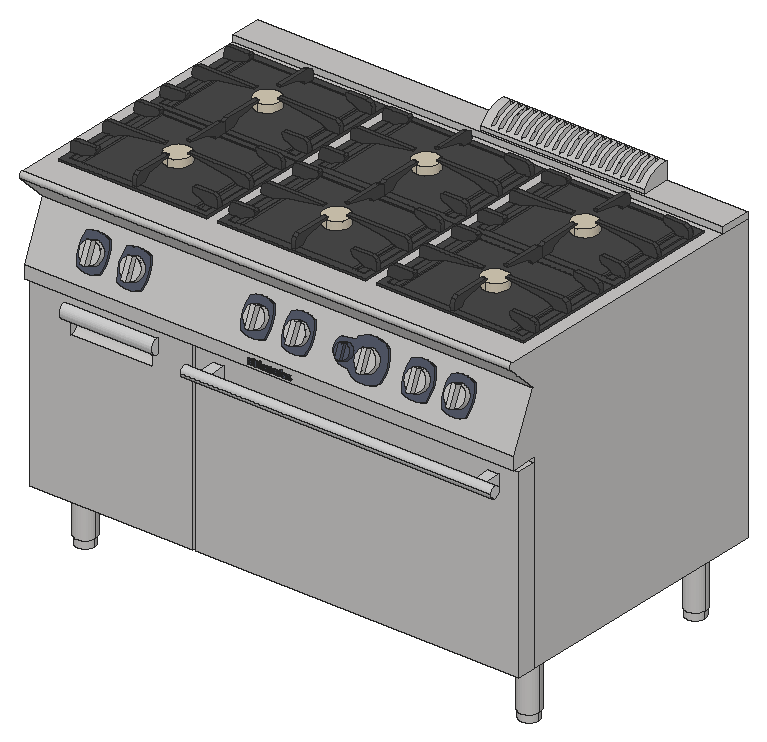
Revit family "QF_ELECTROLUXPROFESSIONAL_371407_E7AANTBFMII", category Attrezzature speciali, Revit 2018
Family settings
  Quota connettore circolare = Usa diametro
  Tipo di parte = Normale
  Basato su piano di lavoro = No
  Sempre verticale = Sì
  Taglio con vuoti quando caricato = No
  Condiviso = No
  Punto di calcolo locali = No
Parameters (values of type "Standard")
  Weight = 120.00 kg
  Watts = 0 W
  Volts = 0 V
  URL Manufacturer = "https://www.electroluxprofessional.com/"
  URL = "https://www.electroluxprofessional.com/"
  Steam Supply Size = 0"
  Steam Supply Minimum Pressure = 0.00 psi
  Steam Supply Maximum Pressure = 0.00 psi
  Steam Consumption per Hour = 0
  Show Logo [instance] = yes
  Show Clearance [instance] = yes
  Refrigeration Suction Line Size = 0 mm
  Refrigeration Liquid Line Size = 0 mm
  Refrigerant Compressor Remote = yes
  Phase = 0
  Modello = "E7AANTBFMII"
  Produttore = "Electrolux Professional"
  Length Actual = 1200 mm  # constant formula
  Item Number = "371407"
  Hot Water Size = 0"
  Height Actual = 850 mm  # constant formula
  HP = "0 HP"
  Gas Size = 1/2"
  Gas KW = 39
  Gas Input Pressure = 1.3092 Btu/h
  Direct Waste Size = 0"
  Descrizione = "6-BURNER GAS RANGE+GAS OVEN+CUPB. 1200MM - QMARK"
  Depth Actual = 730 mm  # constant formula
  Cycle = 0 Hz
  Condensate Return Size = 0"
  Compressed Air Volume = 0 GPM
  Compressed Air Size = 0"
  Compressed Air Pressure = 0.00 psi
  Cold Water Size = 0"
  Assembly Code = ""
  Accessory = yes
Values of the unnamed type that differ from the named types
  Weight = 0.00 kg
  URL Manufacturer = ""
  Item Number = ""
  HP = ""
  Gas KW = 0
  Gas Input Pressure = 0.0 Btu/h
Reference planes
  plane 1 "BACK": y = 0
  plane 2: z = 0
  plane 3 "LEFT": x = 0
  plane 4 "RIGHT": x = 1200
  plane 5 "FRONT": y = -700
  plane 6 "TOP": z = 908.9
  plane 7 "Center Y": x = 600
  plane 8 "Center X": y = -350
  plane 9 "Base": z = 150
  plane 10: z = 850.9
  plane 11: y = -730
  plane 12: y = -1109
Forms (mm)
  Revolve 1, solid, material "QF_Finishes_Stainless Steel"
    sketch origin (1, -90, 0) x (1, 0, 0) y (0, 0, 1)
      loop
        line (55, 0) -> (55, 150) -> (29.6, 150) -> (29.6, 19.05) -> (32.1, 19.05) -> (32.1, 0) -> (55, 0)
      axis (55, 0) -> (55, 150)
    angle from 0 to 360
  Revolve 2, solid, material "QF_Finishes_Stainless Steel"
    sketch origin (1, -599.588, 0) x (1, 0, 0) y (0, 0, 1)
      loop
        line (55, 0) -> (55, 150) -> (29.6, 150) -> (29.6, 19.05) -> (32.1, 19.05) -> (32.1, 0) -> (55, 0)
      axis (55, 0) -> (55, 150)
    angle from 0 to 360
  Revolve 3, solid, material "QF_Finishes_Stainless Steel"
    sketch origin (799, -90, 0) x (-1, 0, 0) y (0, 0, -1)
      loop
        line (-345, 0) -> (-367.9, 0) -> (-367.9, -19.05) -> (-370.4, -19.05) -> (-370.4, -150) -> (-345, -150) -> (-345, 0)
      axis (-345, 0) -> (-345, -150)
    angle from 0 to 360
  Revolve 4, solid, material "QF_Finishes_Stainless Steel"
    sketch origin (799, -599.588, 0) x (-1, 0, 0) y (0, 0, -1)
      loop
        line (-345, 0) -> (-367.9, 0) -> (-367.9, -19.05) -> (-370.4, -19.05) -> (-370.4, -150) -> (-345, -150) -> (-345, 0)
      axis (-345, 0) -> (-345, -150)
    angle from 0 to 360
  Extrusion 5, solid, material "QF_Finishes_Stainless Steel"
    sketch origin (0, 0, 576.213) x (0, 1, 0) y (0, 0, 1)
      loop
        line (0, -426.213) -> (0, 274.687) -> (-721.37, 274.687)
        arc (-721.37, 274.687) -> (-729.343, 269.36) -> (-727.472, 259.956) r 8.63
        line (-727.472, 259.956) -> (-658.266, 190.62) -> (-715.833, 65.264) -> (-715.833, 33.966) -> (-655.839, 38.662)
        arc (-655.839, 38.662) -> (-653.314, 37.914) -> (-652.222, 35.518) r 3.175
        line (-652.222, 35.518) -> (-652.222, -426.213) -> (0, -426.213)
    from 0 to 1200
  Extrusion 6, solid, material "QF_Finishes_Stainless Steel"
    sketch origin (0, -652.222, 611.731) x (0, 0, -1) y (1, 0, 0)
      loop
        line (461.731, 408.5) -> (461.731, 1200) -> (9.61, 1200) -> (9.61, 408.5) -> (461.731, 408.5)
      loop
        line (461.731, 0) -> (461.731, 400.5) -> (9.61, 400.5) -> (9.61, 0) -> (461.731, 0)
      loop
        line (95.781, 100.253) -> (95.781, 300.8) -> (44.981, 300.8) -> (44.981, 100.253) -> (95.781, 100.253)
    from 3.175 to 47.778
  Extrusion 7, solid, material "QF_Finishes_Stainless Steel"
    sketch origin (0, 0, 576.213) x (0, 1, 0) y (0, 0, 1)
      loop
        line (0, 274.687) -> (0, 288.975) -> (-76.2, 288.975) -> (-76.2, 274.687) -> (0, 274.687)
    from 0 to 1200
  Extrusion 8, solid, material "QF_Finishes_Stainless Steel"
    sketch origin (0, 0, 150) x (-1, 0, 0) y (0, -1, 0)
      loop
        circle (-1147.613, 464) r 6.35
    from -8.815 to 7.722
  Extrusion 9, solid, material "QF_Finishes_Door Clearance", visible <- "Show Clearance", detail levels coarse
    sketch origin (0, 0, 0) x (0, 1, 0) y (0, 0, 1)
      loop
        line (-1109, 150) -> (-700, 150) -> (-700, 601.405)
        arc (-700, 601.405) -> (-991.543, 454.568) -> (-1109, 150) r 453.603
    from 0 to 1200
  Extrusion 10, solid, material "QF_Finishes_Clearance", visible <- "Show Clearance", detail levels coarse
    sketch origin (0, 0, 0) x (1, 0, 0) y (0, 1, 0)
      loop
        line (-150, -730) -> (0, -730) -> (0, 0) -> (1200, 0) -> (1200, -730) -> (1350, -730) -> (1350, 150) -> (-150, 150) -> (-150, -730)
    from 0 to 908.85
  Extrusion 11, solid, material "QF_Finishes_Handrails and Railings"
    sketch origin (400, 0, 0) x (0, 1, 0) y (0, 0, 1)
      loop
        line (-700, 580.001) -> (-738.549, 577.296)
        arc (-738.549, 577.296) -> (-739.742, 563.489) -> (-752.852, 558.993) r 12.7
        arc (-752.852, 558.993) -> (-752.311, 558.176) -> (-751.712, 557.401) r 13.441
        arc (-751.712, 557.401) -> (-749.907, 555.955) -> (-747.679, 555.335) r 5.77
        line (-747.679, 555.335) -> (-700, 551.992) -> (-700, 580.001)
    from 50.8 to 76.2
  Extrusion 12, solid, material "QF_Finishes_Handrails and Railings"
    sketch origin (1200, 0, 0) x (0, 1, 0) y (0, 0, -1)
      loop
        line (-700, -580.001) -> (-700, -551.992) -> (-747.679, -555.335)
        arc (-747.679, -555.335) -> (-749.907, -555.955) -> (-751.712, -557.401) r 5.77
        arc (-751.712, -557.401) -> (-752.311, -558.176) -> (-752.852, -558.993) r 13.441
        arc (-752.852, -558.993) -> (-739.742, -563.489) -> (-738.549, -577.296) r 12.7
        line (-738.549, -577.296) -> (-700, -580.001)
    from 50.8 to 76.2
  Extrusion 13, solid, material "QF_Finishes_Handrails and Railings"
    sketch origin (400, 0, 0) x (0, 1, 0) y (0, 0, 1)
      loop
        circle (-749.749, 571.309) r 12.7
    from 19.875 to 780.125
  Extrusion 14, solid, material "QF_Finishes_Handrails and Railings"
    sketch origin (177.525, -443.896, 1933.213) x (0, 0.885087, 0.465426) y (0, -0.465426, 0.885087)
      loop
        arc (-854.629, -1074.965) -> (-878.641, -1082.427) -> (-871.18, -1106.439) r 17.78
        line (-871.18, -1106.439) -> (-854.629, -1074.965)
    from -89.972 to 135.975
  Extrusion 15, solid, material "QF_Finishes_Stainless Steel"
    sketch origin (-22.5, 0, 28.959) x (0, 1, 0) y (0, 0, 1)
      loop
        line (-700, 486.991) -> (-657.087, 486.991) -> (-657.087, 537.791) -> (-678.147, 537.791) -> (-678.147, 511.464)
        arc (-678.147, 511.464) -> (-684.405, 495.059) -> (-700, 486.991) r 24.63
    from 122.753 to 323.3
  Extrusion 16, solid, material "QF_Finishes_Navy Blue"
    sketch origin (405.244, -713.772, 646.186) x (0, 0.418102, 0.9084) y (-1, 0, 0)
      loop
        arc (102.623, -510.47) -> (67.041, -502.846) -> (31.333, -509.853) r 90.5
        arc (31.333, -509.853) -> (24.507, -539.04) -> (31.333, -568.228) r 65.817
        arc (31.333, -568.228) -> (67.04, -575.188) -> (102.623, -567.615) r 91.066
        arc (102.623, -567.615) -> (109.179, -539.043) -> (102.623, -510.47) r 65.546
    from 0 to 3.175
  Extrusion 17, solid, material "QF_Finishes_Stainless Steel"
    sketch origin (783.994, -717.485, 645.711) x (0, 0.418102, 0.9084) y (-1, 0, 0)
      loop
        circle (68.826, -160.963) r 25.4
    from 0 to 12.7
  Extrusion 18, solid, material "QF_Finishes_Stainless Steel"
    sketch origin (783.994, -729.022, 651.021) x (0, 0.418102, 0.9084) y (-1, 0, 0)
      loop
        arc (93.558, -166.749) -> (94.226, -160.963) -> (93.558, -155.177) r 25.4
        line (93.558, -155.177) -> (44.094, -155.177)
        arc (44.094, -155.177) -> (43.426, -160.963) -> (44.094, -166.749) r 25.4
        line (44.094, -166.749) -> (93.558, -166.749)
    from 0 to 12.7
  Extrusion 19, solid, material "QF_Finishes_Navy Blue"
    sketch origin (282.787, -713.772, 646.186) x (0, 0.418102, 0.9084) y (-1, 0, 0)
      loop
        arc (104.355, -502.587) -> (101.326, -501.258) -> (98.25, -500.039) r 91.066
        arc (98.25, -500.039) -> (96.592, -482.449) -> (93.213, -465.107) r 179.528
        arc (93.213, -465.107) -> (69.244, -452.795) -> (45.274, -465.107) r 29.489
        arc (45.274, -465.107) -> (38.909, -481.441) -> (37.449, -498.912) r 61.044
        arc (37.449, -498.912) -> (34.471, -499.962) -> (31.532, -501.116) r 91.066
        arc (31.532, -501.116) -> (19.517, -540.223) -> (32.929, -578.873) r 65.817
        arc (32.929, -578.873) -> (68.105, -585.173) -> (102.996, -577.452) r 91.066
        arc (102.996, -577.452) -> (115.418, -540.233) -> (104.355, -502.587) r 65.546
    from 0 to 3.175
  Extrusion 20, solid, material "QF_Finishes_Stainless Steel"
    sketch origin (661.537, -717.485, 645.711) x (0, 0.418102, 0.9084) y (-1, 0, 0)
      loop
        circle (68.826, -160.963) r 25.4
    from 0 to 12.7
  Extrusion 21, solid, material "QF_Finishes_Stainless Steel"
    sketch origin (661.537, -729.022, 651.021) x (0, 0.418102, 0.9084) y (-1, 0, 0)
      loop
        arc (93.558, -166.749) -> (94.226, -160.963) -> (93.558, -155.177) r 25.4
        line (93.558, -155.177) -> (44.094, -155.177)
        arc (44.094, -155.177) -> (43.426, -160.963) -> (44.094, -166.749) r 25.4
        line (44.094, -166.749) -> (93.558, -166.749)
    from 0 to 12.7
  Extrusion 22, solid, material "QF_Finishes_Navy Blue"
    sketch origin (604.037, -717.485, 645.711) x (0, 0.418102, 0.9084) y (-1, 0, 0)
      loop
        circle (68.826, -160.963) r 18.37
    from 0 to 12.7
  Extrusion 23, solid, material "QF_Finishes_Navy Blue"
    sketch origin (602.746, -729.022, 651.021) x (0, 0.418102, 0.9084) y (-1, 0, 0)
      loop
        arc (84.808, -167.687) -> (85.476, -161.901) -> (84.808, -156.114) r 25.4
        line (84.808, -156.114) -> (52.844, -156.114)
        arc (52.844, -156.114) -> (52.176, -161.901) -> (52.844, -167.687) r 25.4
        line (52.844, -167.687) -> (84.808, -167.687)
    from 0 to 8.112
  Extrusion 24, solid, material "QF_Finishes_Navy Blue"
    sketch origin (-392.256, -713.772, 646.186) x (0, 0.418102, 0.9084) y (-1, 0, 0)
      loop
        arc (102.623, -510.47) -> (67.041, -502.846) -> (31.333, -509.853) r 90.5
        arc (31.333, -509.853) -> (24.507, -539.04) -> (31.333, -568.228) r 65.817
        arc (31.333, -568.228) -> (67.04, -575.188) -> (102.623, -567.615) r 91.066
        arc (102.623, -567.615) -> (109.179, -539.043) -> (102.623, -510.47) r 65.546
    from 0 to 3.175
  Extrusion 25, solid, material "QF_Finishes_Stainless Steel"
    sketch origin (-13.506, -717.485, 645.711) x (0, 0.418102, 0.9084) y (-1, 0, 0)
      loop
        circle (68.826, -160.963) r 25.4
    from 0 to 12.7
  Extrusion 26, solid, material "QF_Finishes_Stainless Steel"
    sketch origin (-13.506, -729.022, 651.021) x (0, 0.418102, 0.9084) y (-1, 0, 0)
      loop
        arc (93.558, -166.749) -> (94.226, -160.963) -> (93.558, -155.177) r 25.4
        line (93.558, -155.177) -> (44.094, -155.177)
        arc (44.094, -155.177) -> (43.426, -160.963) -> (44.094, -166.749) r 25.4
        line (44.094, -166.749) -> (93.558, -166.749)
    from 0 to 12.7
  Extrusion 27, solid, material "QF_Finishes_Navy Blue"
    sketch origin (-292.256, -713.772, 646.186) x (0, 0.418102, 0.9084) y (-1, 0, 0)
      loop
        arc (102.623, -510.47) -> (67.041, -502.846) -> (31.333, -509.853) r 90.5
        arc (31.333, -509.853) -> (24.507, -539.04) -> (31.333, -568.228) r 65.817
        arc (31.333, -568.228) -> (67.04, -575.188) -> (102.623, -567.615) r 91.066
        arc (102.623, -567.615) -> (109.179, -539.043) -> (102.623, -510.47) r 65.546
    from 0 to 3.175
  Extrusion 28, solid, material "QF_Finishes_Stainless Steel"
    sketch origin (86.494, -717.485, 645.711) x (0, 0.418102, 0.9084) y (-1, 0, 0)
      loop
        circle (68.826, -160.963) r 25.4
    from 0 to 12.7
  Extrusion 29, solid, material "QF_Finishes_Stainless Steel"
    sketch origin (86.494, -729.022, 651.021) x (0, 0.418102, 0.9084) y (-1, 0, 0)
      loop
        arc (93.558, -166.749) -> (94.226, -160.963) -> (93.558, -155.177) r 25.4
        line (93.558, -155.177) -> (44.094, -155.177)
        arc (44.094, -155.177) -> (43.426, -160.963) -> (44.094, -166.749) r 25.4
        line (44.094, -166.749) -> (93.558, -166.749)
    from 0 to 12.7
  Extrusion 30, void
    sketch origin (-62.611, 0, 865.138) x (-1, 0, 0) y (0, -1, 0)
      loop
        line (-695.005, 6.761) -> (-685.709, 6.761) -> (-685.709, 63.911) -> (-695.005, 63.911) -> (-695.005, 6.761)
      loop
        line (-713.697, 6.761) -> (-704.401, 6.761) -> (-704.401, 63.911) -> (-713.697, 63.911) -> (-713.697, 6.761)
      loop
        line (-732.39, 6.761) -> (-723.094, 6.761) -> (-723.094, 63.911) -> (-732.39, 63.911) -> (-732.39, 6.761)
      loop
        line (-751.082, 6.761) -> (-741.787, 6.761) -> (-741.787, 63.911) -> (-751.082, 63.911) -> (-751.082, 6.761)
      loop
        line (-769.775, 6.761) -> (-760.479, 6.761) -> (-760.479, 63.911) -> (-769.775, 63.911) -> (-769.775, 6.761)
      loop
        line (-788.468, 6.761) -> (-779.172, 6.761) -> (-779.172, 63.911) -> (-788.468, 63.911) -> (-788.468, 6.761)
      loop
        line (-807.16, 6.761) -> (-797.864, 6.761) -> (-797.864, 63.911) -> (-807.16, 63.911) -> (-807.16, 6.761)
      loop
        line (-825.853, 6.761) -> (-816.557, 6.761) -> (-816.557, 63.911) -> (-825.853, 63.911) -> (-825.853, 6.761)
      loop
        line (-844.545, 6.761) -> (-835.25, 6.761) -> (-835.25, 63.911) -> (-844.545, 63.911) -> (-844.545, 6.761)
      loop
        line (-863.238, 6.761) -> (-853.942, 6.761) -> (-853.942, 63.911) -> (-863.238, 63.911) -> (-863.238, 6.761)
      loop
        line (-881.931, 6.761) -> (-872.635, 6.761) -> (-872.635, 63.911) -> (-881.931, 63.911) -> (-881.931, 6.761)
      loop
        line (-900.623, 6.761) -> (-891.328, 6.761) -> (-891.328, 63.911) -> (-900.623, 63.911) -> (-900.623, 6.761)
      loop
        line (-919.316, 6.761) -> (-910.02, 6.761) -> (-910.02, 63.911) -> (-919.316, 63.911) -> (-919.316, 6.761)
      loop
        line (-938.008, 6.761) -> (-928.713, 6.761) -> (-928.713, 63.911) -> (-938.008, 63.911) -> (-938.008, 6.761)
      loop
        line (-956.701, 6.761) -> (-947.405, 6.761) -> (-947.405, 63.911) -> (-956.701, 63.911) -> (-956.701, 6.761)
      loop
        line (-975.394, 6.761) -> (-966.098, 6.761) -> (-966.098, 63.911) -> (-975.394, 63.911) -> (-975.394, 6.761)
      loop
        line (-994.086, 6.761) -> (-984.791, 6.761) -> (-984.791, 63.911) -> (-994.086, 63.911) -> (-994.086, 6.761)
      loop
        line (-1012.779, 6.761) -> (-1003.483, 6.761) -> (-1003.483, 63.911) -> (-1012.779, 63.911) -> (-1012.779, 6.761)
      loop
        line (-1031.472, 6.761) -> (-1022.176, 6.761) -> (-1022.176, 63.911) -> (-1031.472, 63.911) -> (-1031.472, 6.761)
      loop
        line (-1050.164, 6.761) -> (-1040.868, 6.761) -> (-1040.868, 63.911) -> (-1050.164, 63.911) -> (-1050.164, 6.761)
    from 9.525 to 45.348
  Extrusion 31, solid, material "QF_Finishes_Stainless Steel"
    sketch origin (202.4, 0, 590.5) x (0, 1, 0) y (0, 0, 1)
      loop
        line (0, 274.688) -> (0, 318.4)
        arc (0, 318.4) -> (-39.072, 309.779) -> (-69.85, 284.212) r 84.854
        line (-69.85, 284.212) -> (-69.85, 274.688) -> (0, 274.688)
    from 400 to 800
  Extrusion 32, solid, material "QF_Finishes_Navy Blue"
    sketch origin (502.744, -713.772, 646.186) x (0, 0.418102, 0.9084) y (-1, 0, 0)
      loop
        arc (102.623, -510.47) -> (67.041, -502.846) -> (31.333, -509.853) r 90.5
        arc (31.333, -509.853) -> (24.507, -539.04) -> (31.333, -568.228) r 65.817
        arc (31.333, -568.228) -> (67.04, -575.188) -> (102.623, -567.615) r 91.066
        arc (102.623, -567.615) -> (109.179, -539.043) -> (102.623, -510.47) r 65.546
    from 0 to 3.175
  Extrusion 33, solid, material "QF_Finishes_Stainless Steel"
    sketch origin (881.494, -717.485, 645.711) x (0, 0.418102, 0.9084) y (-1, 0, 0)
      loop
        circle (68.826, -160.963) r 25.4
    from 0 to 12.7
  Extrusion 34, solid, material "QF_Finishes_Stainless Steel"
    sketch origin (881.494, -729.022, 651.021) x (0, 0.418102, 0.9084) y (-1, 0, 0)
      loop
        arc (93.558, -166.749) -> (94.226, -160.963) -> (93.558, -155.177) r 25.4
        line (93.558, -155.177) -> (44.094, -155.177)
        arc (44.094, -155.177) -> (43.426, -160.963) -> (44.094, -166.749) r 25.4
        line (44.094, -166.749) -> (93.558, -166.749)
    from 0 to 12.7
  Extrusion 35, solid, material "QF_Finishes_Navy Blue"
    sketch origin (10.244, -713.772, 646.186) x (0, 0.418102, 0.9084) y (-1, 0, 0)
      loop
        arc (102.623, -510.47) -> (67.041, -502.846) -> (31.333, -509.853) r 90.5
        arc (31.333, -509.853) -> (24.507, -539.04) -> (31.333, -568.228) r 65.817
        arc (31.333, -568.228) -> (67.04, -575.188) -> (102.623, -567.615) r 91.066
        arc (102.623, -567.615) -> (109.179, -539.043) -> (102.623, -510.47) r 65.546
    from 0 to 3.175
  Extrusion 36, solid, material "QF_Finishes_Stainless Steel"
    sketch origin (388.994, -717.485, 645.711) x (0, 0.418102, 0.9084) y (-1, 0, 0)
      loop
        circle (68.826, -160.963) r 25.4
    from 0 to 12.7
  Extrusion 37, solid, material "QF_Finishes_Stainless Steel"
    sketch origin (388.994, -729.022, 651.021) x (0, 0.418102, 0.9084) y (-1, 0, 0)
      loop
        arc (93.558, -166.749) -> (94.226, -160.963) -> (93.558, -155.177) r 25.4
        line (93.558, -155.177) -> (44.094, -155.177)
        arc (44.094, -155.177) -> (43.426, -160.963) -> (44.094, -166.749) r 25.4
        line (44.094, -166.749) -> (93.558, -166.749)
    from 0 to 12.7
  Extrusion 38, solid, material "QF_Finishes_Navy Blue"
    sketch origin (110.244, -713.772, 646.186) x (0, 0.418102, 0.9084) y (-1, 0, 0)
      loop
        arc (102.623, -510.47) -> (67.041, -502.846) -> (31.333, -509.853) r 90.5
        arc (31.333, -509.853) -> (24.507, -539.04) -> (31.333, -568.228) r 65.817
        arc (31.333, -568.228) -> (67.04, -575.188) -> (102.623, -567.615) r 91.066
        arc (102.623, -567.615) -> (109.179, -539.043) -> (102.623, -510.47) r 65.546
    from 0 to 3.175
  Extrusion 39, solid, material "QF_Finishes_Stainless Steel"
    sketch origin (488.994, -717.485, 645.711) x (0, 0.418102, 0.9084) y (-1, 0, 0)
      loop
        circle (68.826, -160.963) r 25.4
    from 0 to 12.7
  Extrusion 40, solid, material "QF_Finishes_Stainless Steel"
    sketch origin (488.994, -729.022, 651.021) x (0, 0.418102, 0.9084) y (-1, 0, 0)
      loop
        arc (93.558, -166.749) -> (94.226, -160.963) -> (93.558, -155.177) r 25.4
        line (93.558, -155.177) -> (44.094, -155.177)
        arc (44.094, -155.177) -> (43.426, -160.963) -> (44.094, -166.749) r 25.4
        line (44.094, -166.749) -> (93.558, -166.749)
    from 0 to 12.7
  Extrusion 41, solid, material "QF_Finishes_Navy Blue", visible <- "Show Logo"
    sketch origin (261.109, -715.962, 610.773) x (0, 0, 1) y (-1, 0, 0)
      loop
        line (20.674, -296.698) -> (8.307, -296.698)
        arc (8.307, -296.698) -> (14.491, -301.27) -> (20.674, -296.698) r 6.467
      loop
        arc (20.674, -296.069) -> (19.505, -290.926) -> (14.849, -288.448) r 6.338
        line (14.849, -288.448) -> (14.849, -290.494)
        arc (14.849, -290.494) -> (16.333, -294.149) -> (19.778, -296.069) r 5.941
        line (19.778, -296.069) -> (20.674, -296.069)
      loop
        arc (9.203, -296.069) -> (12.648, -294.149) -> (14.132, -290.494) r 5.941
        line (14.132, -290.494) -> (14.132, -288.448)
        arc (14.132, -288.448) -> (9.438, -290.922) -> (8.148, -296.069) r 6.504
        line (8.148, -296.069) -> (9.203, -296.069)
      loop
        line (21.349, -287.979) -> (7.604, -287.979) -> (7.604, -301.742) -> (21.349, -301.742) -> (21.349, -287.979)
      loop
        arc (21.432, -304.71) -> (21.085, -304.352) -> (20.718, -304.69) r 0.358
        arc (20.718, -304.69) -> (20.404, -305.44) -> (19.687, -305.825) r 1.216
        line (19.687, -305.825) -> (9.274, -305.825)
        arc (9.274, -305.825) -> (8.614, -305.548) -> (8.218, -304.951) r 1.238
        arc (8.218, -304.951) -> (7.823, -304.7) -> (7.518, -305.054) r 0.358
        line (7.518, -305.054) -> (7.518, -314.933) -> (10.269, -314.933) -> (10.269, -314.036)
        arc (10.269, -314.036) -> (9.36, -313.456) -> (8.904, -312.479) r 1.928
        line (8.904, -312.479) -> (8.904, -309.98)
        arc (8.904, -309.98) -> (9.18, -309.251) -> (9.868, -308.887) r 1.101
        line (9.868, -308.887) -> (13.955, -308.887) -> (13.955, -312.561)
        arc (13.955, -312.561) -> (13.602, -313.058) -> (13.037, -313.286) r 1.083
        arc (13.037, -313.286) -> (12.773, -313.591) -> (13.065, -313.869) r 0.292
        line (13.065, -313.869) -> (16.028, -313.869)
        arc (16.028, -313.869) -> (16.33, -313.596) -> (16.092, -313.266) r 0.305
        arc (16.092, -313.266) -> (15.601, -313.018) -> (15.296, -312.561) r 1.083
        line (15.296, -312.561) -> (15.296, -308.887) -> (19.973, -308.887) -> (19.973, -312.635)
        arc (19.973, -312.635) -> (19.759, -313.39) -> (19.153, -313.888) r 1.314
        arc (19.153, -313.888) -> (18.934, -314.292) -> (19.288, -314.585) r 0.361
        line (19.288, -314.585) -> (21.432, -314.585) -> (21.432, -304.71)
      loop
        arc (20.715, -315.365) -> (20.335, -316.284) -> (19.416, -316.664) r 1.299
        line (19.416, -316.664) -> (9.837, -316.664)
        arc (9.837, -316.664) -> (8.999, -316.286) -> (8.728, -315.408) r 1.118
        line (8.728, -315.408) -> (7.518, -315.408) -> (7.518, -320.758) -> (8.706, -320.758)
        arc (8.706, -320.758) -> (8.978, -319.841) -> (9.848, -319.445) r 1.153
        line (9.848, -319.445) -> (21.92, -319.445) -> (20.715, -315.365)
      loop
        line (12.483, -323.394) -> (12.483, -329.842) -> (13.282, -329.842)
        arc (13.282, -329.842) -> (15.862, -328.857) -> (17.131, -326.404) r 3.874
        line (17.131, -326.404) -> (17.131, -324.643)
        arc (17.131, -324.643) -> (15.944, -321.778) -> (13.08, -320.592) r 4.051
        line (13.08, -320.592) -> (11.072, -320.592)
        arc (11.072, -320.592) -> (8.253, -322.077) -> (7.202, -325.084) r 4.352
        arc (7.202, -325.084) -> (7.566, -327.547) -> (8.943, -329.621) r 5.713
        line (8.943, -329.621) -> (9.892, -329.621)
        arc (9.892, -329.621) -> (9.16, -328.052) -> (8.943, -326.334) r 5.579
        arc (8.943, -326.334) -> (9.737, -324.371) -> (11.616, -323.394) r 3.057
        line (11.616, -323.394) -> (12.483, -323.394)
      loop
        line (13.742, -323.394) -> (13.742, -326.977)
        arc (13.742, -326.977) -> (15.199, -327.024) -> (16.082, -325.864) r 1.59
        line (16.082, -325.864) -> (16.082, -325.034)
        arc (16.082, -325.034) -> (15.217, -323.779) -> (13.742, -323.394) r 2.184
      loop
        arc (16.533, -339.259) -> (17.022, -337.585) -> (17.179, -335.848) r 9.023
        line (17.179, -335.848) -> (17.179, -334.486)
        arc (17.179, -334.486) -> (16.02, -331.686) -> (13.22, -330.527) r 3.959
        line (13.22, -330.527) -> (10.62, -330.527)
        arc (10.62, -330.527) -> (8.338, -331.819) -> (7.221, -334.192) r 4.331
        line (7.221, -334.192) -> (7.221, -336.327)
        arc (7.221, -336.327) -> (7.729, -337.877) -> (8.651, -339.223) r 5.772
        arc (8.651, -339.223) -> (9.412, -339.274) -> (9.499, -338.515) r 0.553
        arc (9.499, -338.515) -> (9.111, -337.781) -> (8.977, -336.962) r 2.573
        line (8.977, -336.962) -> (8.977, -335.447)
        arc (8.977, -335.447) -> (9.983, -333.806) -> (11.798, -333.163) r 2.884
        line (11.798, -333.163) -> (13.077, -333.163)
        arc (13.077, -333.163) -> (14.898, -333.723) -> (15.824, -335.388) r 2.554
        line (15.824, -335.388) -> (15.824, -336.441)
        arc (15.824, -336.441) -> (15.493, -337.369) -> (14.836, -338.104) r 2.564
        arc (14.836, -338.104) -> (14.614, -338.821) -> (15.223, -339.259) r 0.643
        line (15.223, -339.259) -> (16.533, -339.259)
      loop
        line (15.515, -339.53) -> (15.515, -341.031) -> (9.467, -341.031)
        arc (9.467, -341.031) -> (7.879, -341.688) -> (7.221, -343.276) r 2.246
        line (7.221, -343.276) -> (7.221, -344.86)
        arc (7.221, -344.86) -> (7.535, -345.725) -> (8.035, -346.496) r 4.06
        arc (8.035, -346.496) -> (8.768, -346.629) -> (9.019, -345.928) r 0.576
        arc (9.019, -345.928) -> (8.913, -345.403) -> (8.977, -344.87) r 1.69
        arc (8.977, -344.87) -> (9.519, -344.082) -> (10.425, -343.779) r 1.506
        line (10.425, -343.779) -> (15.563, -343.779) -> (15.563, -346.176) -> (16.119, -346.733) -> (16.941, -346.733) -> (16.941, -343.873) -> (20.172, -343.873) -> (15.515, -339.53)
      loop
        line (7.438, -347.63) -> (7.438, -353.017) -> (8.548, -353.017)
        arc (8.548, -353.017) -> (8.942, -352.066) -> (9.893, -351.672) r 1.345
        line (9.893, -351.672) -> (13.509, -351.672)
        arc (13.509, -351.672) -> (14.274, -352.264) -> (14.564, -353.186) r 1.615
        line (14.564, -353.186) -> (14.564, -354.742) -> (17.119, -355.427) -> (17.119, -354.044) -> (15.177, -351.485) -> (17.057, -351.485) -> (16.773, -348.779)
        arc (16.773, -348.779) -> (16.333, -348.249) -> (15.674, -348.45) r 0.621
        arc (15.674, -348.45) -> (15.274, -348.792) -> (14.78, -348.975) r 1.501
        line (14.78, -348.975) -> (9.893, -348.975)
        arc (9.893, -348.975) -> (8.942, -348.581) -> (8.548, -347.63) r 1.345
        line (8.548, -347.63) -> (7.438, -347.63)
      loop
        line (13.54, -354.964) -> (10.848, -354.964)
        arc (10.848, -354.964) -> (8.403, -356.272) -> (7.269, -358.803) r 4.288
        arc (7.269, -358.803) -> (7.205, -360.183) -> (7.269, -361.563) r 15.022
        arc (7.269, -361.563) -> (8.403, -364.094) -> (10.848, -365.401) r 4.288
        line (10.848, -365.401) -> (13.54, -365.401)
        arc (13.54, -365.401) -> (15.986, -364.094) -> (17.119, -361.563) r 4.288
        arc (17.119, -361.563) -> (17.183, -360.183) -> (17.119, -358.803) r 15.022
        arc (17.119, -358.803) -> (15.986, -356.272) -> (13.54, -354.964) r 4.288
      loop
        line (13.745, -358.078) -> (10.643, -358.078)
        arc (10.643, -358.078) -> (8.486, -360.235) -> (10.643, -362.392) r 2.157
        line (10.643, -362.392) -> (13.745, -362.392)
        arc (13.745, -362.392) -> (15.902, -360.235) -> (13.745, -358.078) r 2.157
      loop
        arc (20.726, -365.26) -> (20.355, -366.154) -> (19.461, -366.524) r 1.264
        line (19.461, -366.524) -> (9.597, -366.524)
        arc (9.597, -366.524) -> (8.727, -366.127) -> (8.455, -365.211) r 1.153
        line (8.455, -365.211) -> (7.518, -365.211) -> (7.518, -370.319) -> (8.446, -370.319)
        arc (8.446, -370.319) -> (8.805, -369.547) -> (9.597, -369.232) r 1.153
        line (9.597, -369.232) -> (21.92, -369.232) -> (20.726, -365.26)
      loop
        arc (15.846, -369.857) -> (15.647, -370.921) -> (14.678, -371.403) r 1.215
        line (14.678, -371.403) -> (9.658, -371.403)
        arc (9.658, -371.403) -> (8.043, -372.051) -> (7.322, -373.634) r 2.338
        line (7.322, -373.634) -> (7.322, -375.148)
        arc (7.322, -375.148) -> (7.497, -376.152) -> (7.999, -377.038) r 2.979
        line (7.999, -377.038) -> (7.518, -378.835) -> (7.518, -380.524) -> (16.943, -380.524) -> (16.649, -376.32) -> (15.863, -376.32)
        arc (15.863, -376.32) -> (15.507, -377.156) -> (14.755, -377.665) r 1.605
        line (14.755, -377.665) -> (9.652, -377.665)
        arc (9.652, -377.665) -> (9.232, -376.728) -> (9.159, -375.704) r 2.94
        arc (9.159, -375.704) -> (9.72, -374.603) -> (10.873, -374.16) r 1.724
        line (10.873, -374.16) -> (17.07, -374.16) -> (15.846, -369.857)
      loop
        line (16.874, -381.377) -> (15.202, -383.423) -> (12.028, -385.729) -> (8.572, -382.617)
        arc (8.572, -382.617) -> (8.335, -382.223) -> (8.357, -381.764) r 0.789
        line (8.357, -381.764) -> (7.518, -381.764) -> (7.518, -385.309) -> (8.344, -385.309)
        arc (8.344, -385.309) -> (8.686, -384.947) -> (9.176, -385.039) r 0.52
        line (9.176, -385.039) -> (10.976, -386.51) -> (8.858, -387.886)
        arc (8.858, -387.886) -> (8.457, -387.576) -> (8.37, -387.076) r 0.7
        line (8.37, -387.076) -> (7.518, -387.076) -> (7.518, -393.003) -> (8.405, -393.003)
        arc (8.405, -393.003) -> (8.472, -392.344) -> (8.866, -391.813) r 1.247
        line (8.866, -391.813) -> (13.066, -388.532) -> (15.513, -390.585) -> (16.874, -392.327) -> (16.874, -388.604) -> (15.389, -389.026) -> (13.868, -387.749) -> (15.568, -386.559) -> (16.874, -387.336) -> (16.874, -381.377)
    from 0 to 1.644
Cuts and joins
  Extrusion 30 cuts Extrusion 7
  joined: Extrusion 6, Extrusion 15
  Extrusion 30 cuts Extrusion 10
  Extrusion 30 cuts Extrusion 31
Lines and regions (mm)
  symbolic lines, style "QF-Door Swings"
    curve 1: line (0, -730, 150) -> (0, -1109, 150)
    curve 2: line (0, -1109, 150) -> (1200, -1109, 150)
    curve 3: line (1200, -1109, 150) -> (1200, -730, 150)
  symbolic lines
    curve 4: line (1200, -730, 150) -> (0, -730, 150)
    curve 5: line (0, 0, 150) -> (0, -730, 150)
    curve 6: line (0, -69.85, 150) -> (1200, -69.85, 150)
    curve 7: line (0, -76.2, 150) -> (1200, -76.2, 150)
    curve 8: line (1200, -730, 150) -> (1200, 0, 150)
    curve 9: line (0, 0, 150) -> (1200, 0, 150)
    curve 13: line (1180.125, -762.449, 150) -> (419.875, -762.449, 150)
    curve 14: line (1180.125, -737.049, 150) -> (1180.125, -762.449, 150)
    curve 15: line (1149.2, -738.549, 150) -> (1149.2, -730, 150)
    curve 16: line (1123.8, -738.549, 150) -> (1123.8, -730, 150)
    curve 17: line (1123.8, -738.549, 150) -> (1149.2, -738.549, 150)
    curve 18: line (419.875, -737.049, 150) -> (450.8, -737.049, 150)
    curve 19: line (1149.2, -737.049, 150) -> (1180.125, -737.049, 150)
    curve 20: line (632.394, -6.761, 150) -> (632.394, -63.911, 150)
    curve 21: line (632.394, -63.911, 150) -> (623.098, -63.911, 150)
    curve 22: line (623.098, -63.911, 150) -> (623.098, -6.761, 150)
    curve 23: line (623.098, -6.761, 150) -> (632.394, -6.761, 150)
    curve 24: line (838.012, -6.761, 150) -> (838.012, -63.911, 150)
    curve 25: line (838.012, -63.911, 150) -> (828.717, -63.911, 150)
    curve 26: line (828.717, -63.911, 150) -> (828.717, -6.761, 150)
    curve 27: line (828.717, -6.761, 150) -> (838.012, -6.761, 150)
    curve 28: line (819.32, -6.761, 150) -> (819.32, -63.911, 150)
    curve 29: line (819.32, -63.911, 150) -> (810.024, -63.911, 150)
    curve 30: line (810.024, -63.911, 150) -> (810.024, -6.761, 150)
    curve 31: line (810.024, -6.761, 150) -> (819.32, -6.761, 150)
    curve 32: line (800.627, -6.761, 150) -> (800.627, -63.911, 150)
    curve 33: line (800.627, -63.911, 150) -> (791.331, -63.911, 150)
    curve 34: line (791.331, -63.911, 150) -> (791.331, -6.761, 150)
    curve 35: line (791.331, -6.761, 150) -> (800.627, -6.761, 150)
    curve 36: line (781.934, -6.761, 150) -> (781.934, -63.911, 150)
    curve 37: line (781.934, -63.911, 150) -> (772.639, -63.911, 150)
    curve 38: line (772.639, -63.911, 150) -> (772.639, -6.761, 150)
    curve 39: line (772.639, -6.761, 150) -> (781.934, -6.761, 150)
    curve 40: line (763.242, -6.761, 150) -> (763.242, -63.911, 150)
    curve 41: line (763.242, -63.911, 150) -> (753.946, -63.911, 150)
    curve 42: line (753.946, -63.911, 150) -> (753.946, -6.761, 150)
    curve 43: line (753.946, -6.761, 150) -> (763.242, -6.761, 150)
    curve 44: line (744.549, -6.761, 150) -> (744.549, -63.911, 150)
    curve 45: line (744.549, -63.911, 150) -> (735.253, -63.911, 150)
    curve 46: line (735.253, -63.911, 150) -> (735.253, -6.761, 150)
    curve 47: line (735.253, -6.761, 150) -> (744.549, -6.761, 150)
    curve 48: line (725.857, -6.761, 150) -> (725.857, -63.911, 150)
    curve 49: line (725.857, -63.911, 150) -> (716.561, -63.911, 150)
    curve 50: line (716.561, -63.911, 150) -> (716.561, -6.761, 150)
    curve 51: line (716.561, -6.761, 150) -> (725.857, -6.761, 150)
    curve 52: line (707.164, -6.761, 150) -> (707.164, -63.911, 150)
    curve 53: line (707.164, -63.911, 150) -> (697.868, -63.911, 150)
    curve 54: line (697.868, -63.911, 150) -> (697.868, -6.761, 150)
    curve 55: line (697.868, -6.761, 150) -> (707.164, -6.761, 150)
    curve 56: line (688.471, -6.761, 150) -> (688.471, -63.911, 150)
    curve 57: line (688.471, -63.911, 150) -> (679.176, -63.911, 150)
    curve 58: line (679.176, -63.911, 150) -> (679.176, -6.761, 150)
    curve 59: line (679.176, -6.761, 150) -> (688.471, -6.761, 150)
    curve 60: line (669.779, -6.761, 150) -> (669.779, -63.911, 150)
    curve 61: line (669.779, -63.911, 150) -> (660.483, -63.911, 150)
    curve 62: line (660.483, -63.911, 150) -> (660.483, -6.761, 150)
    curve 63: line (660.483, -6.761, 150) -> (669.779, -6.761, 150)
    curve 64: line (651.086, -6.761, 150) -> (651.086, -63.911, 150)
    curve 65: line (651.086, -63.911, 150) -> (641.79, -63.911, 150)
    curve 66: line (641.79, -63.911, 150) -> (641.79, -6.761, 150)
    curve 67: line (641.79, -6.761, 150) -> (651.086, -6.761, 150)
    curve 68: line (987.553, -6.761, 150) -> (987.553, -63.911, 150)
    curve 69: line (987.553, -63.911, 150) -> (978.257, -63.911, 150)
    curve 70: line (978.257, -63.911, 150) -> (978.257, -6.761, 150)
    curve 71: line (978.257, -6.761, 150) -> (987.553, -6.761, 150)
    curve 72: line (968.861, -6.761, 150) -> (968.861, -63.911, 150)
    curve 73: line (968.861, -63.911, 150) -> (959.565, -63.911, 150)
    curve 74: line (959.565, -63.911, 150) -> (959.565, -6.761, 150)
    curve 75: line (959.565, -6.761, 150) -> (968.861, -6.761, 150)
    curve 76: line (950.168, -6.761, 150) -> (950.168, -63.911, 150)
    curve 77: line (950.168, -63.911, 150) -> (940.872, -63.911, 150)
    curve 78: line (940.872, -63.911, 150) -> (940.872, -6.761, 150)
    curve 79: line (940.872, -6.761, 150) -> (950.168, -6.761, 150)
    curve 80: line (931.475, -6.761, 150) -> (931.475, -63.911, 150)
    curve 81: line (931.475, -63.911, 150) -> (922.18, -63.911, 150)
    curve 82: line (922.18, -63.911, 150) -> (922.18, -6.761, 150)
    curve 83: line (922.18, -6.761, 150) -> (931.475, -6.761, 150)
    curve 84: line (912.783, -6.761, 150) -> (912.783, -63.911, 150)
    curve 85: line (912.783, -63.911, 150) -> (903.487, -63.911, 150)
    curve 86: line (903.487, -63.911, 150) -> (903.487, -6.761, 150)
    curve 87: line (903.487, -6.761, 150) -> (912.783, -6.761, 150)
    curve 88: line (894.09, -6.761, 150) -> (894.09, -63.911, 150)
    curve 89: line (894.09, -63.911, 150) -> (884.794, -63.911, 150)
    curve 90: line (884.794, -63.911, 150) -> (884.794, -6.761, 150)
    curve 91: line (884.794, -6.761, 150) -> (894.09, -6.761, 150)
    curve 92: line (875.397, -6.761, 150) -> (875.397, -63.911, 150)
    curve 93: line (875.397, -63.911, 150) -> (866.102, -63.911, 150)
    curve 94: line (866.102, -63.911, 150) -> (866.102, -6.761, 150)
    curve 95: line (866.102, -6.761, 150) -> (875.397, -6.761, 150)
    curve 96: line (856.705, -6.761, 150) -> (856.705, -63.911, 150)
    curve 97: line (856.705, -63.911, 150) -> (847.409, -63.911, 150)
    curve 98: line (847.409, -63.911, 150) -> (847.409, -6.761, 150)
    curve 99: line (847.409, -6.761, 150) -> (856.705, -6.761, 150)
    curve 100: line (1002.4, -69.85, 150) -> (1002.4, 0, 150)
    curve 101: line (602.4, -69.85, 150) -> (602.4, 0, 150)
    curve 102: line (450.8, -738.549, 150) -> (450.8, -730, 150)
    curve 103: line (476.2, -730, 150) -> (476.2, -738.549, 150)
    curve 104: line (419.875, -737.049, 150) -> (450.8, -737.049, 150)
    curve 105: line (419.875, -762.449, 150) -> (419.875, -737.049, 150)
    curve 106: line (450.8, -738.549, 150) -> (476.2, -738.549, 150)
    curve 107: line (476.2, -737.049, 150) -> (1123.8, -737.049, 150)
  symbolic lines, style "QF-Clearances", visible <- "Show Clearance", detail levels coarse
    curve 10: line (-150, -730, 150) -> (-150, 150, 150)
    curve 11: line (-150, 150, 150) -> (1350, 150, 150)
    curve 12: line (1350, 150, 150) -> (1350, -730, 150)
Dimensions and locks
  equal spacing: plane 3 "LEFT", plane 7 "Center Y", plane 4 "RIGHT"
  plane 3 "LEFT" to plane 4 "RIGHT" = 1200 mm
  equal spacing: plane 5 "FRONT", plane 8 "Center X", plane 1 "BACK"
  plane 11 to plane 1 "BACK" = 730 mm
  plane 6 "TOP" to level = 908.9 mm
  plane 9 "Base" to level = 150 mm
  plane 6 "TOP" to plane 10 = 58 mm  (x2)
  plane 1 "BACK" to plane 11 = 730 mm
  plane 1 "BACK" to plane 12 = 1109 mm
  aligned and locked: level to plane 2
Automatic sketch dimensions
  Revolve 1 sketch curve to plane 9 "Base" = 0 mm  (x2)
  Revolve 1 sketch curve to level = 0 mm
  plane 3 "LEFT" to Revolve 1 sketch curve = 30.6 mm
  Revolve 1 sketch curve to Revolve 1 sketch curve = 2.5 mm
  Revolve 1 sketch curve to Revolve 1 sketch curve = 25.4 mm
  Revolve 1 sketch curve to Revolve 1 sketch curve = 0 mm
  level to Revolve 1 sketch curve = 19.05 mm
  plane 9 "Base" to Revolve 1 sketch curve = 20 mm
  Revolve 2 sketch curve to plane 9 "Base" = 0 mm  (x2)
  Revolve 2 sketch curve to level = 0 mm
  plane 3 "LEFT" to Revolve 2 sketch curve = 30.6 mm
  Revolve 2 sketch curve to Revolve 2 sketch curve = 2.5 mm
  Revolve 2 sketch curve to Revolve 2 sketch curve = 25.4 mm
  Revolve 2 sketch curve to Revolve 2 sketch curve = 0 mm
  level to Revolve 2 sketch curve = 19.05 mm
  plane 9 "Base" to Revolve 2 sketch curve = 20 mm
  Revolve 3 sketch curve to plane 9 "Base" = 0 mm  (x2)
  Revolve 3 sketch curve to level = 0 mm
  Revolve 3 sketch curve to plane 4 "RIGHT" = 30.6 mm
  Revolve 3 sketch curve to Revolve 3 sketch curve = 2.5 mm
  Revolve 3 sketch curve to Revolve 3 sketch curve = 25.4 mm
  Revolve 3 sketch curve to Revolve 3 sketch curve = 0 mm
  plane 9 "Base" to Revolve 3 sketch curve = 20 mm
  level to Revolve 3 sketch curve = 19.05 mm
  Revolve 4 sketch curve to plane 9 "Base" = 0 mm  (x2)
  Revolve 4 sketch curve to level = 0 mm
  Revolve 4 sketch curve to plane 4 "RIGHT" = 30.6 mm
  Revolve 4 sketch curve to Revolve 4 sketch curve = 2.5 mm
  Revolve 4 sketch curve to Revolve 4 sketch curve = 25.4 mm
  Revolve 4 sketch curve to Revolve 4 sketch curve = 0 mm
  plane 9 "Base" to Revolve 4 sketch curve = 20 mm
  level to Revolve 4 sketch curve = 19.05 mm
  Extrusion 5 sketch curve to plane 10 = 0 mm
  Extrusion 5 sketch curve to plane 9 "Base" = 0 mm
  Extrusion 5 sketch curve to plane 1 "BACK" = 0 mm
  Extrusion 5 sketch curve to plane 5 "FRONT" = 47.778 mm
  Extrusion 5 sketch curve to Extrusion 5 sketch curve = 3.175 mm
  Extrusion 5 sketch curve to Extrusion 5 sketch curve = 0.442 mm
  Extrusion 5 sketch curve to plane 5 "FRONT" = 41.734 mm
  Extrusion 5 sketch curve to plane 11 = 14.167 mm
  Extrusion 5 sketch curve to plane 11 = 8.63 mm
  Extrusion 5 sketch curve to plane 11 = 2.528 mm
  Extrusion 5 sketch curve to plane 10 = 240.721 mm
  Extrusion 5 sketch curve to Extrusion 5 sketch curve = 1.552 mm
  Extrusion 5 sketch curve to Extrusion 5 sketch curve = 31.298 mm
  Extrusion 5 sketch curve to plane 10 = 84.067 mm
  Extrusion 5 sketch curve to plane 10 = 14.732 mm
  Extrusion 6 sketch curve to Extrusion 5 = 0 mm  (x3)
  Extrusion 5 to Extrusion 6 sketch curve = 0 mm
  Extrusion 5 to Extrusion 6 sketch curve = 95.781 mm
  Extrusion 5 to Extrusion 6 sketch curve = 44.981 mm
  Extrusion 5 to Extrusion 6 sketch curve = 9.61 mm  (x2)
  Extrusion 5 to Extrusion 6 sketch curve = 100.253 mm
  Extrusion 6 sketch curve to Extrusion 6 sketch curve = 200.547 mm
  Extrusion 6 sketch curve to Extrusion 6 sketch curve = 99.7 mm
  Extrusion 6 sketch curve to Extrusion 6 sketch curve = 8 mm
  Extrusion 7 sketch curve to plane 10 = 0 mm
  Extrusion 7 sketch curve to plane 1 "BACK" = 0 mm
  plane 10 to Extrusion 7 sketch curve = 14.288 mm
  Extrusion 7 sketch curve to Extrusion 7 sketch curve = 76.2 mm
  Extrusion 8 sketch curve to plane 4 "RIGHT" = 52.387 mm
  Extrusion 8 sketch curve to plane 8 "Center X" = 114 mm
  Extrusion 9 sketch curve to plane 9 "Base" = 0 mm
  Extrusion 9 sketch curve to plane 12 = 0 mm
  Extrusion 9 sketch curve to plane 5 "FRONT" = 0 mm
  Extrusion 9 sketch curve to Extrusion 9 sketch curve = 44.603 mm
  plane 11 to curve 12 = 0 mm
  curve 3 to plane 4 "RIGHT" = 0 mm
  curve 4 to plane 4 "RIGHT" = 0 mm
  plane 11 to curve 15 = 0 mm
  plane 1 "BACK" to curve 100 = 0 mm
  curve 2 to plane 3 "LEFT" = 0 mm
  curve 4 to plane 3 "LEFT" = 0 mm
  plane 11 to curve 10 = 0 mm
  plane 12 to curve 2 = 0 mm
  curve 12 to curve 4 = 150 mm
  curve 14 to plane 4 "RIGHT" = 19.875 mm
  curve 14 to curve 15 = 30.925 mm
  plane 11 to curve 107 = 7.049 mm
  curve 19 to curve 107 = 25.4 mm
  plane 1 "BACK" to curve 100 = 69.85 mm
  curve 100 to plane 4 "RIGHT" = 197.6 mm
  curve 100 to curve 68 = 14.847 mm
  curve 68 to curve 69 = 9.296 mm
  curve 70 to curve 75 = 9.397 mm
  curve 72 to curve 73 = 9.296 mm
  curve 73 to curve 77 = 9.397 mm
  curve 76 to curve 79 = 9.296 mm
  curve 77 to curve 80 = 9.397 mm
  curve 80 to curve 83 = 9.296 mm
  curve 81 to curve 85 = 9.397 mm
  curve 84 to curve 87 = 9.296 mm
  curve 85 to curve 89 = 9.397 mm
  curve 88 to curve 90 = 9.296 mm
  curve 90 to curve 92 = 9.397 mm
  curve 92 to curve 94 = 9.296 mm
  curve 93 to curve 96 = 9.397 mm
  curve 96 to curve 97 = 9.296 mm
  curve 97 to curve 24 = 9.397 mm
  curve 24 to curve 27 = 9.296 mm
  curve 25 to curve 29 = 9.397 mm
  curve 28 to curve 31 = 9.296 mm
  curve 29 to curve 33 = 9.397 mm
  curve 32 to curve 34 = 9.296 mm
  curve 33 to curve 36 = 9.397 mm
  curve 36 to curve 37 = 9.296 mm
  curve 38 to curve 40 = 9.397 mm
  curve 40 to curve 42 = 9.296 mm
  curve 42 to curve 44 = 9.397 mm
  curve 44 to curve 47 = 9.296 mm
  curve 45 to curve 48 = 9.397 mm
  curve 48 to curve 50 = 9.296 mm
  curve 49 to curve 53 = 9.397 mm
  curve 52 to curve 54 = 9.296 mm
  curve 53 to curve 56 = 9.397 mm
  curve 56 to curve 58 = 9.296 mm
  curve 58 to curve 63 = 9.397 mm
  curve 60 to curve 62 = 9.296 mm
  curve 61 to curve 64 = 9.397 mm
  curve 64 to curve 66 = 9.296 mm
  curve 66 to curve 23 = 9.397 mm
  curve 20 to curve 22 = 9.296 mm
  plane 7 "Center Y" to curve 101 = 2.4 mm
  plane 11 to curve 103 = 8.549 mm
  curve 103 to plane 7 "Center Y" = 123.8 mm
  plane 11 to curve 104 = 7.049 mm
  curve 107 to curve 104 = 25.4 mm
  curve 102 to curve 13 = 30.925 mm
  curve 11 to plane 3 "LEFT" = 150 mm
  curve 12 to plane 1 "BACK" = 150 mm
  plane 1 "BACK" to curve 86 = 6.761 mm
  plane 1 "BACK" to curve 83 = 6.761 mm
  plane 1 "BACK" to curve 88 = 6.761 mm
  plane 1 "BACK" to curve 92 = 6.761 mm
  plane 1 "BACK" to curve 79 = 6.761 mm
  plane 1 "BACK" to curve 54 = 6.761 mm
  plane 1 "BACK" to curve 99 = 6.761 mm
  plane 1 "BACK" to curve 75 = 6.761 mm
  plane 1 "BACK" to curve 20 = 6.761 mm
  plane 1 "BACK" to curve 71 = 6.761 mm
  plane 1 "BACK" to curve 24 = 6.761 mm
  plane 1 "BACK" to curve 67 = 6.761 mm
  plane 1 "BACK" to curve 28 = 6.761 mm
  plane 1 "BACK" to curve 63 = 6.761 mm
  plane 1 "BACK" to curve 32 = 6.761 mm
  plane 1 "BACK" to curve 59 = 6.761 mm
  plane 1 "BACK" to curve 36 = 6.761 mm
  plane 1 "BACK" to curve 51 = 6.761 mm
  plane 1 "BACK" to curve 40 = 6.761 mm
  plane 1 "BACK" to curve 47 = 6.761 mm
  curve 46 to curve 46 = 57.15 mm
  curve 44 to curve 42 = 0 mm
  curve 48 to curve 45 = 0 mm
  curve 40 to curve 38 = 0 mm
  curve 52 to curve 49 = 0 mm
  curve 94 to curve 94 = 57.15 mm
  curve 36 to curve 34 = 0 mm
  curve 56 to curve 53 = 0 mm
  curve 32 to curve 30 = 0 mm
  curve 60 to curve 57 = 0 mm
  curve 28 to curve 26 = 0 mm
  curve 64 to curve 61 = 0 mm
  curve 22 to curve 65 = 0 mm
  curve 68 to curve 100 = 5.939 mm
  curve 96 to curve 93 = 0 mm
  curve 72 to curve 69 = 0 mm
  curve 76 to curve 73 = 0 mm
  curve 92 to curve 90 = 0 mm
  curve 80 to curve 77 = 0 mm
  curve 88 to curve 86 = 0 mm
  curve 6 to curve 7 = 6.35 mm
  plane 11 to curve 19 = 7.049 mm
  curve 19 to curve 15 = 1.5 mm
  curve 14 to curve 13 = 25.4 mm
  plane 11 to Extrusion 10 sketch curve = 0 mm  (x2)
  Extrusion 10 sketch curve to plane 3 "LEFT" = 0 mm
  plane 1 "BACK" to Extrusion 10 sketch curve = 0 mm
  Extrusion 10 sketch curve to plane 4 "RIGHT" = 0 mm
  Extrusion 10 sketch curve to plane 3 "LEFT" = 150 mm
  plane 4 "RIGHT" to Extrusion 10 sketch curve = 150 mm
  Extrusion 10 sketch curve to plane 1 "BACK" = 150 mm
  Extrusion 11 sketch curve to plane 5 "FRONT" = 0 mm
  plane 11 to Extrusion 11 sketch curve = 8.549 mm
  plane 11 to Extrusion 11 sketch curve = 11.379 mm
  Extrusion 11 sketch curve to Extrusion 11 sketch curve = 5.898 mm
  Extrusion 11 sketch curve to Extrusion 11 sketch curve = 0.402 mm
  Extrusion 11 sketch curve to Extrusion 11 sketch curve = 8.37 mm
  Extrusion 11 sketch curve to Extrusion 11 sketch curve = 4.033 mm
  Extrusion 11 sketch curve to Extrusion 11 sketch curve = 0 mm  (x2)
  Extrusion 11 sketch curve to Extrusion 11 sketch curve = 1.139 mm
  Extrusion 11 sketch curve to plane 10 = 298.908 mm
  Extrusion 11 sketch curve to Extrusion 11 sketch curve = 3.343 mm
  Extrusion 11 sketch curve to Extrusion 11 sketch curve = 2.066 mm
  Extrusion 11 sketch curve to Extrusion 11 sketch curve = 5.312 mm
  Extrusion 11 sketch curve to Extrusion 11 sketch curve = 28.009 mm
  Extrusion 12 sketch curve to plane 5 "FRONT" = 0 mm
  plane 11 to Extrusion 12 sketch curve = 8.549 mm
  plane 11 to Extrusion 12 sketch curve = 11.379 mm
  Extrusion 12 sketch curve to Extrusion 12 sketch curve = 5.898 mm
  Extrusion 12 sketch curve to Extrusion 12 sketch curve = 0.402 mm
  Extrusion 12 sketch curve to Extrusion 12 sketch curve = 8.37 mm
  Extrusion 12 sketch curve to Extrusion 12 sketch curve = 4.033 mm
  Extrusion 12 sketch curve to Extrusion 12 sketch curve = 0 mm  (x2)
  Extrusion 12 sketch curve to Extrusion 12 sketch curve = 1.139 mm
  Extrusion 12 sketch curve to plane 10 = 270.899 mm
  Extrusion 12 sketch curve to Extrusion 12 sketch curve = 2.705 mm
  Extrusion 12 sketch curve to Extrusion 12 sketch curve = 5.987 mm
  Extrusion 12 sketch curve to Extrusion 12 sketch curve = 5.312 mm
  Extrusion 12 sketch curve to Extrusion 12 sketch curve = 28.009 mm
  plane 11 to Extrusion 13 sketch curve = 19.749 mm
  Extrusion 13 sketch curve to plane 10 = 279.591 mm
  Extrusion 14 sketch curve to plane 5 "FRONT" = 0 mm  (x3)
  Extrusion 14 sketch curve to plane 10 = 302.451 mm
  Extrusion 14 sketch curve to Extrusion 14 sketch curve = 8.275 mm
  Extrusion 15 sketch curve to plane 5 "FRONT" = 0 mm
  plane 5 "FRONT" to Extrusion 15 sketch curve = 2.777 mm
  Extrusion 15 sketch curve to plane 5 "FRONT" = 21.853 mm
  Extrusion 15 sketch curve to Extrusion 15 sketch curve = 21.059 mm
  Extrusion 15 sketch curve to plane 10 = 334.95 mm
  Extrusion 15 sketch curve to Extrusion 15 sketch curve = 26.327 mm
  Extrusion 16 sketch curve to plane 4 "RIGHT" = 284.904 mm
  Extrusion 16 sketch curve to Extrusion 16 sketch curve = 0 mm
  Extrusion 16 sketch curve to Extrusion 16 sketch curve = 12.3 mm  (x3)
  Extrusion 16 sketch curve to Extrusion 16 sketch curve = 34.925 mm  (x2)
  Extrusion 16 sketch curve to Extrusion 16 sketch curve = 46.691 mm
  Extrusion 16 sketch curve to Extrusion 16 sketch curve = 0.617 mm
  Extrusion 16 sketch curve to Extrusion 16 sketch curve = 28.57 mm
  Extrusion 16 sketch curve to Extrusion 16 sketch curve = 29.185 mm
  Extrusion 18 sketch curve to Extrusion 18 sketch curve = 24.732 mm
  Extrusion 18 sketch curve to Extrusion 18 sketch curve = 0 mm
  Extrusion 19 sketch curve to Extrusion 19 sketch curve = 0 mm  (x2)
  plane 7 "Center Y" to Extrusion 19 sketch curve = 190.859 mm
  Extrusion 19 sketch curve to Extrusion 19 sketch curve = 112.63 mm
  Extrusion 19 sketch curve to Extrusion 19 sketch curve = 1.398 mm
  Extrusion 19 sketch curve to Extrusion 19 sketch curve = 5.918 mm
  Extrusion 19 sketch curve to Extrusion 19 sketch curve = 7.825 mm
  Extrusion 19 sketch curve to Extrusion 19 sketch curve = 12.433 mm
  Extrusion 19 sketch curve to Extrusion 19 sketch curve = 33.329 mm
  Extrusion 19 sketch curve to Extrusion 19 sketch curve = 28.808 mm
  Extrusion 19 sketch curve to Extrusion 19 sketch curve = 2.986 mm
  Extrusion 19 sketch curve to Extrusion 19 sketch curve = 35.441 mm
  Extrusion 19 sketch curve to Extrusion 19 sketch curve = 23.969 mm
  Extrusion 19 sketch curve to Extrusion 19 sketch curve = 31.993 mm
  Extrusion 19 sketch curve to Extrusion 19 sketch curve = 0.131 mm
  Extrusion 19 sketch curve to Extrusion 19 sketch curve = 36.738 mm
  Extrusion 19 sketch curve to Extrusion 19 sketch curve = 6.105 mm
  Extrusion 19 sketch curve to Extrusion 19 sketch curve = 30.968 mm
  Extrusion 19 sketch curve to Extrusion 19 sketch curve = 0.002 mm
  Extrusion 19 sketch curve to Extrusion 19 sketch curve = 38.412 mm
  Extrusion 19 sketch curve to Extrusion 19 sketch curve = 39.831 mm
  Extrusion 19 sketch curve to Extrusion 19 sketch curve = 6.427 mm
  Extrusion 19 sketch curve to Extrusion 19 sketch curve = 11.842 mm
  Extrusion 21 sketch curve to Extrusion 21 sketch curve = 24.732 mm
  Extrusion 21 sketch curve to Extrusion 21 sketch curve = 0 mm
  Extrusion 23 sketch curve to Extrusion 23 sketch curve = 0 mm
  Extrusion 23 sketch curve to Extrusion 23 sketch curve = 7.232 mm  (x3)
  Extrusion 23 sketch curve to Extrusion 23 sketch curve = 17.5 mm
  Extrusion 23 sketch curve to Extrusion 23 sketch curve = 5.786 mm
  plane 3 "LEFT" to Extrusion 24 sketch curve = 117.596 mm
  Extrusion 24 sketch curve to Extrusion 24 sketch curve = 0 mm
  Extrusion 24 sketch curve to Extrusion 24 sketch curve = 12.3 mm  (x3)
  Extrusion 24 sketch curve to Extrusion 24 sketch curve = 34.925 mm  (x2)
  Extrusion 24 sketch curve to Extrusion 24 sketch curve = 46.691 mm
  Extrusion 24 sketch curve to Extrusion 24 sketch curve = 0.617 mm
  Extrusion 24 sketch curve to Extrusion 24 sketch curve = 28.57 mm
  Extrusion 24 sketch curve to Extrusion 24 sketch curve = 29.185 mm
  Extrusion 26 sketch curve to Extrusion 26 sketch curve = 24.732 mm
  Extrusion 26 sketch curve to Extrusion 26 sketch curve = 0 mm
  plane 3 "LEFT" to Extrusion 27 sketch curve = 217.596 mm
  Extrusion 27 sketch curve to Extrusion 27 sketch curve = 0 mm
  Extrusion 27 sketch curve to Extrusion 27 sketch curve = 12.3 mm  (x3)
  Extrusion 27 sketch curve to Extrusion 27 sketch curve = 34.925 mm  (x2)
  Extrusion 27 sketch curve to Extrusion 27 sketch curve = 46.691 mm
  Extrusion 27 sketch curve to Extrusion 27 sketch curve = 0.617 mm
  Extrusion 27 sketch curve to Extrusion 27 sketch curve = 28.57 mm
  Extrusion 27 sketch curve to Extrusion 27 sketch curve = 29.185 mm
  Extrusion 29 sketch curve to Extrusion 29 sketch curve = 24.732 mm
  Extrusion 29 sketch curve to Extrusion 29 sketch curve = 0 mm
  plane 1 "BACK" to Extrusion 30 sketch curve = 63.911 mm  (x2)
  Extrusion 30 sketch curve to plane 4 "RIGHT" = 212.447 mm
  Extrusion 30 sketch curve to Extrusion 30 sketch curve = 9.296 mm  (x20)
  Extrusion 30 sketch curve to Extrusion 30 sketch curve = 9.397 mm  (x19)
  Extrusion 30 sketch curve to Extrusion 30 sketch curve = 0 mm  (x18)
  plane 1 "BACK" to Extrusion 30 sketch curve = 6.761 mm  (x20)
  Extrusion 31 sketch curve to plane 1 "BACK" = 0 mm
  Extrusion 31 sketch curve to plane 6 "TOP" = 0 mm
  plane 1 "BACK" to Extrusion 31 sketch curve = 1.769 mm
  plane 10 to Extrusion 31 sketch curve = 23.812 mm
  plane 1 "BACK" to Extrusion 31 sketch curve = 69.85 mm
  plane 10 to Extrusion 31 sketch curve = 14.288 mm
  Extrusion 32 sketch curve to plane 4 "RIGHT" = 187.404 mm
  Extrusion 32 sketch curve to Extrusion 32 sketch curve = 0 mm
  Extrusion 32 sketch curve to Extrusion 32 sketch curve = 12.3 mm  (x3)
  Extrusion 32 sketch curve to Extrusion 32 sketch curve = 34.925 mm  (x2)
  Extrusion 32 sketch curve to Extrusion 32 sketch curve = 46.691 mm
  Extrusion 32 sketch curve to Extrusion 32 sketch curve = 0.617 mm
  Extrusion 32 sketch curve to Extrusion 32 sketch curve = 28.57 mm
  Extrusion 32 sketch curve to Extrusion 32 sketch curve = 29.185 mm
  Extrusion 34 sketch curve to Extrusion 34 sketch curve = 24.732 mm
  Extrusion 34 sketch curve to Extrusion 34 sketch curve = 0 mm
  Extrusion 35 sketch curve to plane 7 "Center Y" = 79.904 mm
  Extrusion 35 sketch curve to plane 7 "Center Y" = 21.528 mm
  Extrusion 35 sketch curve to Extrusion 35 sketch curve = 0 mm
  Extrusion 35 sketch curve to Extrusion 35 sketch curve = 12.3 mm  (x3)
  plane 7 "Center Y" to Extrusion 35 sketch curve = 3.586 mm
  Extrusion 35 sketch curve to Extrusion 35 sketch curve = 34.925 mm  (x2)
  Extrusion 35 sketch curve to Extrusion 35 sketch curve = 46.691 mm
  Extrusion 35 sketch curve to plane 7 "Center Y" = 22.141 mm
  Extrusion 37 sketch curve to Extrusion 37 sketch curve = 24.732 mm
  Extrusion 37 sketch curve to Extrusion 37 sketch curve = 0 mm
  plane 7 "Center Y" to Extrusion 38 sketch curve = 20.096 mm
  Extrusion 38 sketch curve to Extrusion 38 sketch curve = 0 mm
  Extrusion 38 sketch curve to Extrusion 38 sketch curve = 12.3 mm  (x3)
  Extrusion 38 sketch curve to Extrusion 38 sketch curve = 34.925 mm  (x2)
  Extrusion 38 sketch curve to plane 7 "Center Y" = 5.631 mm
  Extrusion 38 sketch curve to Extrusion 38 sketch curve = 46.691 mm
  plane 7 "Center Y" to Extrusion 38 sketch curve = 20.714 mm
  Extrusion 38 sketch curve to Extrusion 38 sketch curve = 25.114 mm
  Extrusion 40 sketch curve to Extrusion 40 sketch curve = 24.732 mm
  Extrusion 40 sketch curve to Extrusion 40 sketch curve = 0 mm
  plane 7 "Center Y" to Extrusion 41 sketch curve = 21.292 mm
  Extrusion 41 sketch curve to plane 10 = 237.967 mm
  Extrusion 41 sketch curve to plane 7 "Center Y" = 13.807 mm
  Extrusion 41 sketch curve to Extrusion 41 sketch curve = 5.041 mm
  plane 7 "Center Y" to Extrusion 41 sketch curve = 5.969 mm
  Extrusion 41 sketch curve to Extrusion 41 sketch curve = 5.06 mm
  Extrusion 41 sketch curve to Extrusion 41 sketch curve = 0 mm  (x27)
  Extrusion 41 sketch curve to Extrusion 41 sketch curve = 5.108 mm  (x2)
  Extrusion 41 sketch curve to Extrusion 41 sketch curve = 0.054 mm
  Extrusion 41 sketch curve to Extrusion 41 sketch curve = 0.218 mm
  Extrusion 41 sketch curve to Extrusion 41 sketch curve = 0.195 mm
  Extrusion 41 sketch curve to Extrusion 41 sketch curve = 0.249 mm
  Extrusion 41 sketch curve to Extrusion 41 sketch curve = 0.316 mm
  Extrusion 41 sketch curve to Extrusion 41 sketch curve = 0.087 mm
  Extrusion 41 sketch curve to Extrusion 41 sketch curve = 0.358 mm
  Extrusion 41 sketch curve to Extrusion 41 sketch curve = 0.481 mm
  Extrusion 41 sketch curve to Extrusion 41 sketch curve = 0.597 mm
  Extrusion 41 sketch curve to Extrusion 41 sketch curve = 0.544 mm
